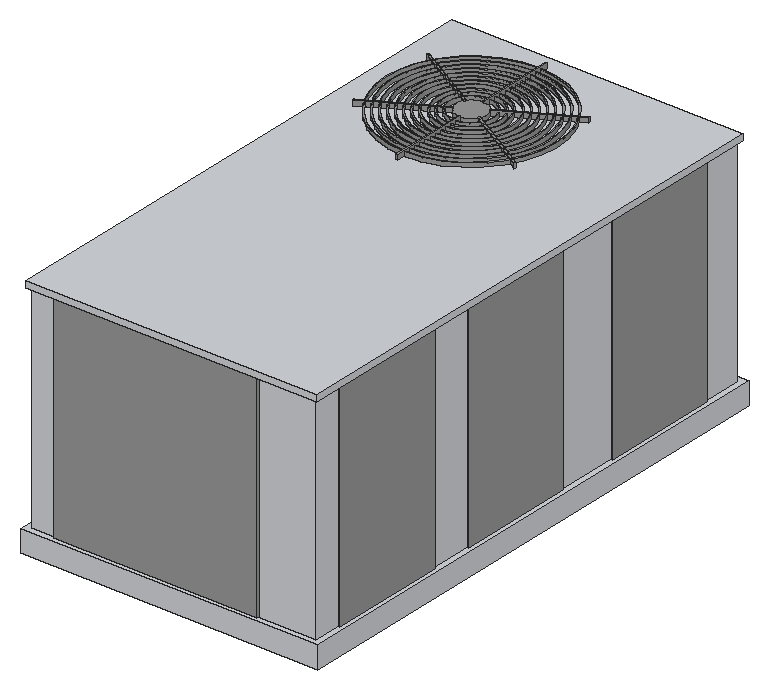
Revit family "RTU-2", category Mechanical Equipment, host Face, Revit 2025
Family settings
  Host = Face
  Round Connector Dimension = Use Diameter
  Classification = None
  Part Type = Normal
  Cut with Voids When Loaded = No
  Maintain Annotation Orientation = No
  Shared = No
  Room Calculation Point = No
Parameters (values of type "LCH 072 H4E E 1Y")
  Width = 47"
  URL = "https://tech.lennoxintl.com/C03e7o14l/VIu12Ch2uV/ehb_lch_abox_2103.pdf"
  Model = "LCH 072 H4E E 1Y"
  Manufacturer = "LENNOX"
  Length = 85 1/4"
  Grill Material = Steel, Paint Finish, Dark Gray
  Default Elevation = 48"
Reference planes (in)
  plane 1 "Center (Front/Back)": y = 0
  plane 2: z = 0
  plane 3 "Center (Left/Right)": x = 0
  plane 4: x = -30.90625
  plane 5: x = -31.90625
  plane 6: x = -32.90625
  plane 7: x = -33.90625
  plane 8: x = -34.90625
  plane 9: x = -35.90625
  plane 10: x = -36.90625
  plane 11: x = -37.90625
  plane 12: x = -38.90625
  plane 13: x = -39.90625
  plane 14: x = -40.90625
  plane 15: x = -42.34375
  plane 16: x = -41.03125
  plane 17: x = -41.90625
  plane 18: x = -41.90567
  plane 19: y = 22.75058
  plane 20: y = 21.75058
  plane 21: y = 20.75058
  plane 22: y = 19.75058
  plane 23: y = 18.75058
  plane 24: y = 17.75058
  plane 25: y = 16.75058
  plane 26: y = 15.75058
  plane 27: y = 14.75058
  plane 28: y = 13.75058
  plane 29: y = 12.75058
  plane 30: y = 11.31308
  plane 31: y = 12.62558
  plane 32: y = 11.75058
  plane 33: y = 11.75117
  plane 34: through (-19.01548, 19.50279, 94.70355) normal (0.866, 0.5, 0)
  plane 35: through (-17.13782, 18.87558, 94.70355) normal (-0.866, -0.5, 0)
  plane 36: through (6.39048, 19.50279, 94.70355) normal (0.866, -0.5, 0)
  plane 37: through (4.51282, 18.87558, 94.70355) normal (-0.866, 0.5, 0)
  plane 38: y = 38.93808
  plane 39: y = 37.62558
  plane 40: through (-19.01548, 30.74838, 94.70355) normal (-0.866, 0.5, 0)
  plane 41: through (-17.13782, 31.37558, 94.70355) normal (0.866, -0.5, 0)
  plane 42: through (6.39048, 30.74838, 94.70355) normal (-0.866, -0.5, 0)
  plane 43: through (4.51282, 31.37558, 94.70355) normal (0.866, 0.5, 0)
  plane 44: through (-34.15405, 50.35923, 110.75) normal (0.5, -0.866, 0)
  plane 45: through (-34.78125, 48.48157, 110.75) normal (-0.5, 0.866, 0)
  plane 46: through (-34.15405, 24.95327, 110.75) normal (-0.5, -0.866, 0)
  plane 47: through (-34.78125, 26.83093, 110.75) normal (0.5, 0.866, 0)
  plane 48: x = -14.71875
  plane 49: x = -16.03125
  plane 50: through (-22.90845, 50.35923, 110.75) normal (0.5, 0.866, 0)
  plane 51: through (-22.28125, 48.48157, 110.75) normal (-0.5, -0.866, 0)
  plane 52: through (-22.90845, 24.95327, 110.75) normal (-0.5, 0.866, 0)
  plane 53: through (-22.28125, 26.83093, 110.75) normal (0.5, -0.866, 0)
  plane 54: y = 16.875
  plane 55: x = 14
  plane 56: y = -16.125
  plane 57: x = 16.875
  plane 58: y = -0.75
  plane 59: x = -8.5
  plane 60: y = -31.75
  plane 61: x = -3
Forms (in)
  Extrusion 1, solid
    sketch origin (0, 0, 0) x (1, 0, 0) y (0, 1, 0)
      loop
        line (-23.5, 42.625) -> (-23.5, -42.625) -> (23.5, -42.625) -> (23.5, 42.625) -> (-23.5, 42.625)
    from 0 to 3.5
  Extrusion 2, solid, material "Steel, Paint Finish, Dark Gray" <- "Grill Material", not visible
    sketch origin (0, 0, 54.625) x (1, 0, 0) y (0, 1, 0)
      loop
        circle (-28.53125, 37.65625) r 2.375
      loop
        circle (-28.53125, 37.65625) r 3.375
      loop
        circle (-28.53125, 37.65625) r 3.5
      loop
        circle (-28.53125, 37.65625) r 4.375
      loop
        circle (-28.53125, 37.65625) r 5.25
      loop
        circle (-28.53125, 37.65625) r 4.5
      loop
        circle (-28.53125, 37.65625) r 5.375
      loop
        circle (-28.53125, 37.65625) r 6.375
      loop
        circle (-28.53125, 37.65625) r 7.375
      loop
        circle (-28.53125, 37.65625) r 9.375
      loop
        circle (-28.53125, 37.65625) r 10.375
      loop
        circle (-28.53125, 37.65625) r 11.375
      loop
        circle (-28.53125, 37.65625) r 12.375
      loop
        circle (-28.53125, 37.65625) r 12.5
      loop
        circle (-28.53125, 37.65625) r 7.5
      loop
        circle (-28.53125, 37.65625) r 9.5
      loop
        circle (-28.53125, 37.65625) r 10.5
      loop
        circle (-28.53125, 37.65625) r 11.5
      loop
        circle (-28.53125, 37.65625) r 8.375
      loop
        circle (-28.53125, 37.65625) r 8.5
      loop
        circle (-28.53125, 37.65625) r 6.5
      loop
        circle (-28.53125, 37.65625) r 13.375
      loop
        circle (-28.53125, 37.65625) r 13.5
    from 0 to 0.625
  Extrusion 3, solid, material "Steel, Paint Finish, Dark Gray" <- "Grill Material", not visible
    sketch origin (0, 0, 55.75) x (1, 0, 0) y (0, 1, 0)
      loop
        line (-43.28067, 37.78125) -> (-43.28067, 37.53125) -> (-30.90296, 37.53125)
        arc (-30.90296, 37.53125) -> (-30.90543, 37.59373) -> (-30.90625, 37.65625) r 2.375
        arc (-30.90625, 37.65625) -> (-30.90543, 37.71877) -> (-30.90296, 37.78125) r 2.375
        line (-30.90296, 37.78125) -> (-43.28067, 37.78125)
    from -1.125 to -0.3427
  Extrusion 4, solid, material "Steel, Paint Finish, Dark Gray" <- "Grill Material"
    sketch origin (31.34375, 53.65683, 38.57855) x (0, 1, 0) y (-1, 0, 0)
      loop
        circle (-28.53125, 37.65625) r 2.375
      loop
        circle (-28.53125, 37.65625) r 3.375
      loop
        circle (-28.53125, 37.65625) r 3.5
      loop
        circle (-28.53125, 37.65625) r 4.375
      loop
        circle (-28.53125, 37.65625) r 5.25
      loop
        circle (-28.53125, 37.65625) r 4.5
      loop
        circle (-28.53125, 37.65625) r 5.375
      loop
        circle (-28.53125, 37.65625) r 6.375
      loop
        circle (-28.53125, 37.65625) r 7.375
      loop
        circle (-28.53125, 37.65625) r 9.375
      loop
        circle (-28.53125, 37.65625) r 10.375
      loop
        circle (-28.53125, 37.65625) r 11.375
      loop
        circle (-28.53125, 37.65625) r 12.375
      loop
        circle (-28.53125, 37.65625) r 12.5
      loop
        circle (-28.53125, 37.65625) r 7.5
      loop
        circle (-28.53125, 37.65625) r 9.5
      loop
        circle (-28.53125, 37.65625) r 10.5
      loop
        circle (-28.53125, 37.65625) r 11.5
      loop
        circle (-28.53125, 37.65625) r 8.375
      loop
        circle (-28.53125, 37.65625) r 8.5
      loop
        circle (-28.53125, 37.65625) r 6.5
      loop
        circle (-28.53125, 37.65625) r 13.375
      loop
        circle (-28.53125, 37.65625) r 13.5
    from 0 to 0.625
  Extrusion 5, solid, material "Steel, Paint Finish, Dark Gray" <- "Grill Material"
    sketch origin (31.34375, 53.65683, 39.70355) x (0, 1, 0) y (-1, 0, 0)
      loop
        line (-43.28067, 37.78125) -> (-43.28067, 37.53125) -> (-30.90296, 37.53125)
        arc (-30.90296, 37.53125) -> (-30.90543, 37.59373) -> (-30.90625, 37.65625) r 2.375
        arc (-30.90625, 37.65625) -> (-30.90543, 37.71877) -> (-30.90296, 37.78125) r 2.375
        line (-30.90296, 37.78125) -> (-43.28067, 37.78125)
    from -1.125 to -0.3427
  Extrusion 6, solid, material "Steel, Paint Finish, Dark Gray" <- "Grill Material"
    sketch origin (37.22441, 6.77994, 39.70355) x (0.866025, 0.5, 0) y (-0.5, 0.866025, 0)
      loop
        line (-43.28067, 37.78125) -> (-43.28067, 37.53125) -> (-30.90296, 37.53125)
        arc (-30.90296, 37.53125) -> (-30.90543, 37.59373) -> (-30.90625, 37.65625) r 2.375
        arc (-30.90625, 37.65625) -> (-30.90543, 37.71877) -> (-30.90296, 37.78125) r 2.375
        line (-30.90296, 37.78125) -> (-43.28067, 37.78125)
    from -1.125 to -0.3427
  Extrusion 7, solid, material "Steel, Paint Finish, Dark Gray" <- "Grill Material"
    sketch origin (-49.84941, 6.77994, 39.70355) x (-0.866025, 0.5, 0) y (-0.5, -0.866025, 0)
      loop
        line (-43.28067, -37.78125) -> (-30.90296, -37.78125)
        arc (-30.90296, -37.78125) -> (-30.90543, -37.71877) -> (-30.90625, -37.65625) r 2.375
        arc (-30.90625, -37.65625) -> (-30.90543, -37.59373) -> (-30.90296, -37.53125) r 2.375
        line (-30.90296, -37.53125) -> (-43.28067, -37.53125) -> (-43.28067, -37.78125)
    from -1.125 to -0.3427
  Extrusion 8, solid, material "Steel, Paint Finish, Dark Gray" <- "Grill Material"
    sketch origin (31.34375, -3.40567, 39.70355) x (0, -1, 0) y (1, 0, 0)
      loop
        line (-43.28067, -37.78125) -> (-30.90296, -37.78125)
        arc (-30.90296, -37.78125) -> (-30.90543, -37.71877) -> (-30.90625, -37.65625) r 2.375
        arc (-30.90625, -37.65625) -> (-30.90543, -37.59373) -> (-30.90296, -37.53125) r 2.375
        line (-30.90296, -37.53125) -> (-43.28067, -37.53125) -> (-43.28067, -37.78125)
    from -1.125 to -0.3427
  Extrusion 9, solid, material "Steel, Paint Finish, Dark Gray" <- "Grill Material"
    sketch origin (37.22441, 43.47123, 39.70355) x (0.866025, -0.5, 0) y (0.5, 0.866025, 0)
      loop
        line (-43.28067, -37.78125) -> (-30.90296, -37.78125)
        arc (-30.90296, -37.78125) -> (-30.90543, -37.71877) -> (-30.90625, -37.65625) r 2.375
        arc (-30.90625, -37.65625) -> (-30.90543, -37.59373) -> (-30.90296, -37.53125) r 2.375
        line (-30.90296, -37.53125) -> (-43.28067, -37.53125) -> (-43.28067, -37.78125)
    from -1.125 to -0.3427
  Extrusion 10, solid, material "Steel, Paint Finish, Dark Gray" <- "Grill Material"
    sketch origin (-49.84941, 43.47123, 39.70355) x (-0.866025, -0.5, 0) y (0.5, -0.866025, 0)
      loop
        line (-43.28067, 37.78125) -> (-43.28067, 37.53125) -> (-30.90296, 37.53125)
        arc (-30.90296, 37.53125) -> (-30.90543, 37.59373) -> (-30.90625, 37.65625) r 2.375
        arc (-30.90625, 37.65625) -> (-30.90543, 37.71877) -> (-30.90296, 37.78125) r 2.375
        line (-30.90296, 37.78125) -> (-43.28067, 37.78125)
    from -1.125 to -0.3427
  Extrusion 11, solid, material "Steel, Paint Finish, Dark Gray" <- "Grill Material", not visible
    sketch origin (-46.87689, -5.88066, 55.75) x (0.5, -0.866025, 0) y (0.866025, 0.5, 0)
      loop
        line (-43.28067, 37.78125) -> (-43.28067, 37.53125) -> (-30.90296, 37.53125)
        arc (-30.90296, 37.53125) -> (-30.90543, 37.59373) -> (-30.90625, 37.65625) r 2.375
        arc (-30.90625, 37.65625) -> (-30.90543, 37.71877) -> (-30.90296, 37.78125) r 2.375
        line (-30.90296, 37.78125) -> (-43.28067, 37.78125)
    from -1.125 to -0.3427
  Extrusion 12, solid, material "Steel, Paint Finish, Dark Gray" <- "Grill Material", not visible
    sketch origin (-46.87689, 81.19316, 55.75) x (0.5, 0.866025, 0) y (-0.866025, 0.5, 0)
      loop
        line (-43.28067, -37.78125) -> (-30.90296, -37.78125)
        arc (-30.90296, -37.78125) -> (-30.90543, -37.71877) -> (-30.90625, -37.65625) r 2.375
        arc (-30.90625, -37.65625) -> (-30.90543, -37.59373) -> (-30.90296, -37.53125) r 2.375
        line (-30.90296, -37.53125) -> (-43.28067, -37.53125) -> (-43.28067, -37.78125)
    from -1.125 to -0.3427
  Extrusion 13, solid, material "Steel, Paint Finish, Dark Gray" <- "Grill Material", not visible
    sketch origin (-57.0625, 0, 55.75) x (-1, 0, 0) y (0, -1, 0)
      loop
        line (-43.28067, -37.78125) -> (-30.90296, -37.78125)
        arc (-30.90296, -37.78125) -> (-30.90543, -37.71877) -> (-30.90625, -37.65625) r 2.375
        arc (-30.90625, -37.65625) -> (-30.90543, -37.59373) -> (-30.90296, -37.53125) r 2.375
        line (-30.90296, -37.53125) -> (-43.28067, -37.53125) -> (-43.28067, -37.78125)
    from -1.125 to -0.3427
  Extrusion 14, solid, material "Steel, Paint Finish, Dark Gray" <- "Grill Material", not visible
    sketch origin (-10.18561, -5.88066, 55.75) x (-0.5, -0.866025, 0) y (0.866025, -0.5, 0)
      loop
        line (-43.28067, -37.78125) -> (-30.90296, -37.78125)
        arc (-30.90296, -37.78125) -> (-30.90543, -37.71877) -> (-30.90625, -37.65625) r 2.375
        arc (-30.90625, -37.65625) -> (-30.90543, -37.59373) -> (-30.90296, -37.53125) r 2.375
        line (-30.90296, -37.53125) -> (-43.28067, -37.53125) -> (-43.28067, -37.78125)
    from -1.125 to -0.3427
  Extrusion 15, solid, material "Steel, Paint Finish, Dark Gray" <- "Grill Material", not visible
    sketch origin (-10.18561, 81.19316, 55.75) x (-0.5, 0.866025, 0) y (-0.866025, -0.5, 0)
      loop
        line (-43.28067, 37.78125) -> (-43.28067, 37.53125) -> (-30.90296, 37.53125)
        arc (-30.90296, 37.53125) -> (-30.90543, 37.59373) -> (-30.90625, 37.65625) r 2.375
        arc (-30.90625, 37.65625) -> (-30.90543, 37.71877) -> (-30.90296, 37.78125) r 2.375
        line (-30.90296, 37.78125) -> (-43.28067, 37.78125)
    from -1.125 to -0.3427
  Extrusion 16, solid
    sketch origin (0, 0, 0) x (1, 0, 0) y (0, 1, 0)
      loop
        line (-22.5, 41.625) -> (-22.5, -41.625) -> (22.5, -41.625) -> (22.5, 41.625) -> (-22.5, 41.625)
    from 3.5 to 37.57855
  Extrusion 17, void
    sketch origin (0, 0, 0) x (1, 0, 0) y (0, 1, 0)
      loop
        line (-18.5, 8.25) -> (-18.5, -9.75) -> (1.5, -9.75) -> (1.5, 8.25) -> (-18.5, 8.25)
      loop
        line (-19, -27.375) -> (-19, -38.375) -> (11, -38.375) -> (11, -27.375) -> (-19, -27.375)
      loop
        arc (13.5, 20.875) -> (12.79289, 20.58211) -> (12.5, 19.875) r 1
        line (12.5, 19.875) -> (12.5, 13.875)
        arc (12.5, 13.875) -> (12.79289, 13.16789) -> (13.5, 12.875) r 1
        line (13.5, 12.875) -> (14.5, 12.875)
        arc (14.5, 12.875) -> (15.20711, 13.16789) -> (15.5, 13.875) r 1
        line (15.5, 13.875) -> (15.5, 19.875)
        arc (15.5, 19.875) -> (15.20711, 20.58211) -> (14.5, 20.875) r 1
        line (14.5, 20.875) -> (13.5, 20.875)
      loop
        circle (16.875, -16.125) r 1
    from 0 to 3.5
  Extrusion 18, solid
    sketch origin (0, 0, 0) x (1, 0, 0) y (0, 1, 0)
      loop
        line (-23, 42.125) -> (-23, -42.125) -> (23, -42.125) -> (23, 42.125) -> (-23, 42.125)
    from 37.57855 to 38.57855
  Extrusion 19, void
    sketch origin (0, 0, 0) x (0, 1, 0) y (0, 0, 1)
      loop
        line (39.875, 37.57855) -> (10.75738, 37.57855) -> (10.75738, 3.5) -> (39.875, 3.5) -> (39.875, 37.57855)
    from -23.5 to -21.24899
Cuts and joins
  Extrusion 17, Extrusion 19 cuts Extrusion 1
  Extrusion 17, Extrusion 19 cuts Extrusion 16
  Extrusion 19 cuts Extrusion 18
Dimensions and locks (in)
  equal spacing: Extrusion 1 sketch curve, plane 1 "Center (Front/Back)", Extrusion 1 sketch curve
  equal spacing: Extrusion 1 sketch curve, plane 3 "Center (Left/Right)", Extrusion 1 sketch curve
  "Width": Extrusion 1 sketch curve to Extrusion 1 sketch curve
  "Length": Extrusion 1 sketch curve to Extrusion 1 sketch curve
  Extrusion 1 to Extrusion 17 sketch curve = 4 1/4"
  Extrusion 1 to Extrusion 17 sketch curve = 4 1/2"
  Extrusion 1 to Extrusion 17 sketch curve = 5"
  Extrusion 1 to plane 54 = 25 3/4"
  plane 55 to Extrusion 1 = 9 1/2"
  plane 57 to Extrusion 1 = 6 5/8"
  plane 56 to Extrusion 1 = 26 1/2"
  nested 5 to level = 5 1/2"
  nested 5 to Extrusion 18 = 2"
  nested 6 to nested 5 = 18 3/8"
  cut or joined group of Extrusion 16, Extrusion 17, Extrusion 19 to cut or joined group of Extrusion 16, Extrusion 17, Extrusion 19 = 29.11762"
  equal spacing: group 3, group 4, group 5, group 6, group 7, group 8, group 9, group 10, group 11, group 12, group 13, group 14, group 15, group 16, group 17, group 18, group 19, group 20, group 21  (x2)
  equal spacing: group 21, group 20, group 19, group 18, group 17, group 16, group 15, group 14, group 13, group 12, group 11, group 10, group 9, group 8, group 7, group 6, group 5, group 4, group 3
  aligned and locked: plane 2 to host face
  aligned and locked: level to host face
Automatic sketch dimensions
  host sketch curve to host sketch curve = 96"  (x2)
  Extrusion 4 sketch curve to Extrusion 4 sketch curve = 0"  (x297)
  Extrusion 5 sketch curve to Extrusion 5 sketch curve = 2.37171"
  Extrusion 6 sketch curve to Extrusion 6 sketch curve = 2.37171"
  Extrusion 6 sketch curve to plane 34 = 0.93692"
  Extrusion 7 sketch curve to Extrusion 7 sketch curve = 2.37171"
  Extrusion 7 sketch curve to Extrusion 7 sketch curve = 0"  (x3)
  Extrusion 7 sketch curve to plane 36 = 0.93692"
  Extrusion 7 sketch curve to Extrusion 7 sketch curve = 1/8"
  Extrusion 8 sketch curve to Extrusion 8 sketch curve = 2.37171"
  Extrusion 8 sketch curve to plane 38 = 0.93692"
  Extrusion 9 sketch curve to Extrusion 9 sketch curve = 2.37171"
  Extrusion 9 sketch curve to Extrusion 9 sketch curve = 0"  (x3)
  Extrusion 9 sketch curve to plane 40 = 0.93692"
  Extrusion 9 sketch curve to Extrusion 9 sketch curve = 1/8"
  Extrusion 10 sketch curve to Extrusion 10 sketch curve = 2.37171"
  Extrusion 10 sketch curve to plane 42 = 0.93692"
  Extrusion 2 sketch curve to Extrusion 2 sketch curve = 0"  (x297)
  Extrusion 3 sketch curve to Extrusion 3 sketch curve = 2.37171"
  Extrusion 4 sketch curve to plane 19 = 2 3/8"
  Extrusion 5 sketch curve to Extrusion 5 sketch curve = 0"  (x3)
  Extrusion 5 sketch curve to plane 31 = 10.12829"
  Extrusion 6 sketch curve to Extrusion 6 sketch curve = 0"  (x3)
  Extrusion 6 sketch curve to plane 35 = 10.12829"
  Extrusion 6 sketch curve to Extrusion 6 sketch curve = 1/8"
  Extrusion 7 sketch curve to plane 37 = 10.12829"
  Extrusion 8 sketch curve to Extrusion 8 sketch curve = 0"  (x4)
  Extrusion 8 sketch curve to plane 39 = 10.12829"
  Extrusion 9 sketch curve to plane 41 = 10.12829"
  Extrusion 10 sketch curve to Extrusion 10 sketch curve = 0"  (x3)
  Extrusion 10 sketch curve to plane 43 = 10.12829"
  Extrusion 10 sketch curve to Extrusion 10 sketch curve = 1/8"
  Extrusion 5 sketch curve to plane 30 = 0.93692"
  Extrusion 5 sketch curve to Extrusion 5 sketch curve = 1/8"
  plane 33 to Extrusion 6 sketch curve = 5.89145"
  plane 33 to Extrusion 7 sketch curve = 12.29681"
  Extrusion 8 sketch curve to Extrusion 8 sketch curve = 1/8"
  plane 33 to Extrusion 9 sketch curve = 14.45202"
  plane 33 to Extrusion 10 sketch curve = 20.85738"
  Extrusion 2 sketch curve to plane 4 = 2 3/8"
  Extrusion 3 sketch curve to Extrusion 3 sketch curve = 0"  (x3)
  Extrusion 3 sketch curve to plane 16 = 10.12829"
  Extrusion 11 sketch curve to Extrusion 11 sketch curve = 0"  (x3)
  Extrusion 11 sketch curve to plane 45 = 10.12829"
  Extrusion 11 sketch curve to Extrusion 11 sketch curve = 1/8"
  Extrusion 12 sketch curve to Extrusion 12 sketch curve = 0"  (x2)
  Extrusion 12 sketch curve to plane 47 = 10.12829"
  Extrusion 13 sketch curve to Extrusion 13 sketch curve = 0"  (x4)
  Extrusion 13 sketch curve to plane 49 = 10.12829"
  Extrusion 14 sketch curve to Extrusion 14 sketch curve = 0"  (x2)
  Extrusion 14 sketch curve to plane 51 = 10.12829"
  Extrusion 15 sketch curve to Extrusion 15 sketch curve = 0"  (x3)
  Extrusion 15 sketch curve to plane 53 = 10.12829"
  Extrusion 15 sketch curve to Extrusion 15 sketch curve = 1/8"
  Extrusion 3 sketch curve to plane 15 = 0.93692"
  Extrusion 3 sketch curve to Extrusion 3 sketch curve = 1/8"
  plane 18 to Extrusion 11 sketch curve = 5.89145"
  plane 18 to Extrusion 12 sketch curve = 12.29681"
  Extrusion 13 sketch curve to Extrusion 13 sketch curve = 1/8"
  plane 18 to Extrusion 14 sketch curve = 14.45202"
  plane 18 to Extrusion 15 sketch curve = 20.85738"
  Extrusion 16 sketch curve to plane 3 "Center (Left/Right)" = 22 1/2"
  plane 3 "Center (Left/Right)" to Extrusion 16 sketch curve = 22 1/2"
  plane 1 "Center (Front/Back)" to Extrusion 16 sketch curve = 41 5/8"
  plane 33 to Extrusion 16 sketch curve = 29.87383"
  Extrusion 17 sketch curve to plane 56 = 0"
  Extrusion 17 sketch curve to plane 57 = 0"
  plane 3 "Center (Left/Right)" to Extrusion 17 sketch curve = 1 1/2"
  Extrusion 17 sketch curve to plane 55 = 3"
  Extrusion 17 sketch curve to plane 55 = 1 1/2"
  Extrusion 17 sketch curve to plane 55 = 1/2"  (x2)
  plane 55 to Extrusion 17 sketch curve = 1/2"  (x2)
  Extrusion 17 sketch curve to Extrusion 17 sketch curve = 1"
  Extrusion 17 sketch curve to plane 56 = 11 1/4"
  plane 56 to Extrusion 17 sketch curve = 6 3/8"
  Extrusion 17 sketch curve to plane 33 = 3.50117"
  plane 33 to Extrusion 17 sketch curve = 1.12383"
  plane 54 to Extrusion 17 sketch curve = 3"
  Extrusion 18 sketch curve to plane 3 "Center (Left/Right)" = 23"
  plane 3 "Center (Left/Right)" to Extrusion 18 sketch curve = 23"
  plane 1 "Center (Front/Back)" to Extrusion 18 sketch curve = 42 1/8"
  plane 33 to Extrusion 18 sketch curve = 30.37383"
  Extrusion 19 sketch curve to plane 33 = 0.99379"
  level to Extrusion 19 sketch curve = 3 1/2"
  plane 33 to Extrusion 19 sketch curve = 28.12383"
  Extrusion 19 sketch curve to Extrusion 19 sketch curve = 34.07855"
  radius of Extrusion 4 sketch curve = 2 3/8"
  radius of Extrusion 4 sketch curve = 3 3/8"
  radius of Extrusion 4 sketch curve = 3 1/2"
  radius of Extrusion 4 sketch curve = 4 3/8"
  radius of Extrusion 4 sketch curve = 5 1/4"
  radius of Extrusion 4 sketch curve = 4 1/2"
  radius of Extrusion 4 sketch curve = 5 3/8"
  radius of Extrusion 4 sketch curve = 6 3/8"
  radius of Extrusion 4 sketch curve = 7 3/8"
  radius of Extrusion 4 sketch curve = 9 3/8"
  radius of Extrusion 4 sketch curve = 10 3/8"
  radius of Extrusion 4 sketch curve = 11 3/8"
  radius of Extrusion 4 sketch curve = 12 3/8"
  radius of Extrusion 4 sketch curve = 12 1/2"
  radius of Extrusion 4 sketch curve = 7 1/2"
  radius of Extrusion 4 sketch curve = 9 1/2"
  radius of Extrusion 4 sketch curve = 10 1/2"
  radius of Extrusion 4 sketch curve = 11 1/2"
  radius of Extrusion 4 sketch curve = 8 3/8"
  radius of Extrusion 4 sketch curve = 8 1/2"
  radius of Extrusion 4 sketch curve = 6 1/2"
  radius of Extrusion 4 sketch curve = 13 3/8"
  radius of Extrusion 4 sketch curve = 13 1/2"
  radius of Extrusion 2 sketch curve = 2 3/8"
  radius of Extrusion 2 sketch curve = 3 3/8"
  radius of Extrusion 2 sketch curve = 3 1/2"
  radius of Extrusion 2 sketch curve = 4 3/8"
  radius of Extrusion 2 sketch curve = 5 1/4"
  radius of Extrusion 2 sketch curve = 4 1/2"
  radius of Extrusion 2 sketch curve = 5 3/8"
  radius of Extrusion 2 sketch curve = 6 3/8"
  radius of Extrusion 2 sketch curve = 7 3/8"
  radius of Extrusion 2 sketch curve = 9 3/8"
  radius of Extrusion 2 sketch curve = 10 3/8"
  radius of Extrusion 2 sketch curve = 11 3/8"
  radius of Extrusion 2 sketch curve = 12 3/8"
  radius of Extrusion 2 sketch curve = 12 1/2"
  radius of Extrusion 2 sketch curve = 7 1/2"
  radius of Extrusion 2 sketch curve = 9 1/2"
  radius of Extrusion 2 sketch curve = 10 1/2"
  radius of Extrusion 2 sketch curve = 11 1/2"
  radius of Extrusion 2 sketch curve = 8 3/8"
  radius of Extrusion 2 sketch curve = 8 1/2"
  radius of Extrusion 2 sketch curve = 6 1/2"
  radius of Extrusion 2 sketch curve = 13 3/8"
  radius of Extrusion 2 sketch curve = 13 1/2"
  radius of Extrusion 17 sketch curve = 1"
Nested families (in)
  nested 1: "Panel" at (22.5, -27.875, 20.53928) x (0, 1, 0) z (1, 0, 0), type "Panel"
    with Width 18 3/4", Length 34.07855"
  nested 2: "Panel" at (22.5, -2.4375, 20.53928) x (0, 1, 0) z (1, 0, 0), type "Panel"
    with Width 18 3/4", Length 34.07855"
  nested 3: "Panel" at (22.5, 26.0625, 20.53928) x (0, 1, 0) z (1, 0, 0), type "Panel"
    with Width 18 3/4", Length 34.07855"
  nested 4: "Panel" at (-2.71875, -41.625, 20.53928) x (-1, 0, 0) z (0, -1, 0), type "Panel"
    with Width 32 3/16", Length 34.07855"
  nested 5: "Panel" at (-22.5, -34.625, 20) x (0, 1, 0) z (-1, 0, 0), type "Panel"
    with Width 11", Length 29"
  nested 6: "Panel" at (-22.5, -1, 15.5) x (0, 1, 0) z (-1, 0, 0), type "Panel"
    with Width 19 1/2", Length 20"
  nested 7: "Family1" at (-21.5, 39.875, 35.95355) x (0, -1, 0) z (-1, 0, 0), type "Family1"
    with Space 233/256", built-in parameter 1001306 2.4792 (stored number, unit not read), Count 32
  nested 8: "Family1" at (-21.5, 39.875, 34.20355) x (0, -1, 0) z (-1, 0, 0), type "Family1"
    with Space 233/256", built-in parameter 1001306 2.4792 (stored number, unit not read), Count 32
  nested 9: "Family1" at (-21.5, 39.875, 32.45355) x (0, -1, 0) z (-1, 0, 0), type "Family1"
    with Space 233/256", built-in parameter 1001306 2.4792 (stored number, unit not read), Count 32
  nested 10: "Family1" at (-21.5, 39.875, 30.70355) x (0, -1, 0) z (-1, 0, 0), type "Family1"
    with Space 233/256", built-in parameter 1001306 2.4792 (stored number, unit not read), Count 32
  nested 11: "Family1" at (-21.5, 39.875, 28.95355) x (0, -1, 0) z (-1, 0, 0), type "Family1"
    with Space 233/256", built-in parameter 1001306 2.4792 (stored number, unit not read), Count 32
  nested 12: "Family1" at (-21.5, 39.875, 27.20355) x (0, -1, 0) z (-1, 0, 0), type "Family1"
    with Space 233/256", built-in parameter 1001306 2.4792 (stored number, unit not read), Count 32
  nested 13: "Family1" at (-21.5, 39.875, 25.45355) x (0, -1, 0) z (-1, 0, 0), type "Family1"
    with Space 233/256", built-in parameter 1001306 2.4792 (stored number, unit not read), Count 32
  nested 14: "Family1" at (-21.5, 39.875, 23.70355) x (0, -1, 0) z (-1, 0, 0), type "Family1"
    with Space 233/256", built-in parameter 1001306 2.4792 (stored number, unit not read), Count 32
  nested 15: "Family1" at (-21.5, 39.875, 21.95355) x (0, -1, 0) z (-1, 0, 0), type "Family1"
    with Space 233/256", built-in parameter 1001306 2.4792 (stored number, unit not read), Count 32
  nested 16: "Family1" at (-21.5, 39.875, 20.20355) x (0, -1, 0) z (-1, 0, 0), type "Family1"
    with Space 233/256", built-in parameter 1001306 2.4792 (stored number, unit not read), Count 32
  nested 17: "Family1" at (-21.5, 39.875, 18.45355) x (0, -1, 0) z (-1, 0, 0), type "Family1"
    with Space 233/256", built-in parameter 1001306 2.4792 (stored number, unit not read), Count 32
  nested 18: "Family1" at (-21.5, 39.875, 16.70355) x (0, -1, 0) z (-1, 0, 0), type "Family1"
    with Space 233/256", built-in parameter 1001306 2.4792 (stored number, unit not read), Count 32
  nested 19: "Family1" at (-21.5, 39.875, 14.95355) x (0, -1, 0) z (-1, 0, 0), type "Family1"
    with Space 233/256", built-in parameter 1001306 2.4792 (stored number, unit not read), Count 32
  nested 20: "Family1" at (-21.5, 39.875, 13.20355) x (0, -1, 0) z (-1, 0, 0), type "Family1"
    with Space 233/256", built-in parameter 1001306 2.4792 (stored number, unit not read), Count 32
  nested 21: "Family1" at (-21.5, 39.875, 11.45355) x (0, -1, 0) z (-1, 0, 0), type "Family1"
    with Space 233/256", built-in parameter 1001306 2.4792 (stored number, unit not read), Count 32
  nested 22: "Family1" at (-21.5, 39.875, 9.70355) x (0, -1, 0) z (-1, 0, 0), type "Family1"
    with Space 233/256", built-in parameter 1001306 2.4792 (stored number, unit not read), Count 32
  nested 23: "Family1" at (-21.5, 39.875, 7.95355) x (0, -1, 0) z (-1, 0, 0), type "Family1"
    with Space 233/256", built-in parameter 1001306 2.4792 (stored number, unit not read), Count 32
  nested 24: "Family1" at (-21.5, 39.875, 6.20355) x (0, -1, 0) z (-1, 0, 0), type "Family1"
    with Space 233/256", built-in parameter 1001306 2.4792 (stored number, unit not read), Count 32
  nested 25: "Family1" at (-21.5, 39.875, 4.45355) x (0, -1, 0) z (-1, 0, 0), type "Family1"
    with Space 233/256", built-in parameter 1001306 2.4792 (stored number, unit not read), Count 32
Connectors (in)
  hvac at (-8.5, -0.75, 3.5)
    settings: on cut or joined group of Extrusion 1, Extrusion 17, Extrusion 19, index 1, duct flow 0 CFM, flow factor 0, pres drop 0.00 in-wg, loss coef 0, conn angle 0.00°, conn width 20", conn height 18", conn diameter 24", duct sys type 1, conn prof type 1, flow config 0, flow direction 0, loss method 0, conn ref index -1, conn util no, is conn primary yes, conn desc "supply"
  hvac at (-4, -32.875, 3.5)
    settings: on cut or joined group of Extrusion 1, Extrusion 17, Extrusion 19, index 2, duct flow 0 CFM, flow factor 0, pres drop 0.00 in-wg, loss coef 0, conn angle 0.00°, conn width 30", conn height 11", conn diameter 24", duct sys type 2, conn prof type 1, flow config 0, flow direction 0, loss method 0, conn ref index -1, conn util no, is conn primary no, conn desc "return"
Definition of nested family "Panel"
  Parameters (values of type "Panel")
    Width [instance] = 21 9/16"
    Material = none
    Length [instance] = 49 7/16"
    Default Elevation = 48"
  Reference planes (in)
    plane 1 "Center (Front/Back)": y = 0
    plane 2: z = 0
    plane 3 "Center (Left/Right)": x = 0
    plane 4: z = 0.25
    plane 5: x = -10.78125
    plane 6: x = 10.78125
    plane 7: y = 24.71875
    plane 8: y = -24.71875
  Forms (in)
    Extrusion 1, solid
      sketch origin (0, 0, 0) x (1, 0, 0) y (0, 1, 0)
        loop
          line (-48, 48) -> (-48, -48) -> (48, -48) -> (48, 48) -> (-48, 48)
      from 0 to -12
    Extrusion 2, solid, material <- "Material"
      sketch origin (0, 0, 0) x (1, 0, 0) y (0, 1, 0)
        loop
          line (-10.78125, 24.71875) -> (-10.78125, -24.71875) -> (10.78125, -24.71875) -> (10.78125, 24.71875) -> (-10.78125, 24.71875)
      from 0 to 0.25
  Dimensions and locks (in)
    plane 4 to plane 2 = 1/4"
    equal spacing: plane 5, plane 3 "Center (Left/Right)", plane 6
    equal spacing: plane 7, plane 1 "Center (Front/Back)", plane 8
    "Length": plane 7 to plane 8
    "Width": plane 5 to plane 6
    aligned and locked: plane 2 to Extrusion 1
    aligned and locked: level to Extrusion 1
    aligned and locked: plane 4 to Extrusion 2
    aligned and locked: Extrusion 2 to plane 6
    aligned and locked: Extrusion 2 to plane 5
    aligned and locked: plane 8 to Extrusion 2
    aligned and locked: plane 7 to Extrusion 2
  Automatic sketch dimensions
    Extrusion 1 sketch curve to Extrusion 1 sketch curve = 96"  (x2)
    plane 5 to Extrusion 2 sketch curve = 0"
    Extrusion 2 sketch curve to plane 6 = 0"
    plane 1 "Center (Front/Back)" to Extrusion 2 sketch curve = 24 23/32"
    Extrusion 2 sketch curve to plane 1 "Center (Front/Back)" = 24 23/32"
Definition of nested family "Family1"
  Parameters (values of type "Family1")
    Space [instance] = 233/256"
    built-in parameter 1001306 [instance] = 51"
    Depth = 1"
    Default Elevation = 0"
    Count [instance] = rounddown([built-in parameter 1001306] / Space)  # 56
  Reference planes (in)
    plane 1 "Center (Front/Back)": y = 0
    plane 2: z = 0
    plane 3 "Left": x = 0
    plane 4 "Right": x = 51
    plane 5: y = 1.25
    plane 6: x = 0.45496
    plane 7: z = 1
    plane 8: y = 1.25
    plane 9: x = 1.36489
    plane 10: y = 1.25
    plane 11: x = 2.27481
    plane 12: y = 1.25
    plane 13: x = 3.18474
    plane 14: x = 0.90993
    plane 15: y = 1.25
    plane 16: x = 4.09467
    plane 17: y = 1.25
    plane 18: x = 5.00459
    plane 19: y = 1.25
    plane 20: x = 5.91452
    plane 21: y = 1.25
    plane 22: x = 6.82444
    plane 23: y = 1.25
    plane 24: x = 7.73437
    plane 25: y = 1.25
    plane 26: x = 8.64429
    plane 27: y = 1.25
    plane 28: x = 9.55422
    plane 29: y = 1.25
    plane 30: x = 10.46414
    plane 31: y = 1.25
    plane 32: x = 11.37407
    plane 33: y = 1.25
    plane 34: x = 12.284
    plane 35: y = 1.25
    plane 36: x = 13.19392
    plane 37: y = 1.25
    plane 38: x = 14.10385
    plane 39: y = 1.25
    plane 40: x = 15.01377
    plane 41: y = 1.25
    plane 42: x = 15.9237
    plane 43: y = 1.25
    plane 44: x = 16.83362
    plane 45: y = 1.25
    plane 46: x = 17.74355
    plane 47: y = 1.25
    plane 48: x = 18.65347
    plane 49: y = 1.25
    plane 50: x = 19.5634
    plane 51: y = 1.25
    plane 52: x = 20.47333
    plane 53: y = 1.25
    plane 54: x = 21.38325
    plane 55: y = 1.25
    plane 56: x = 22.29318
    plane 57: y = 1.25
    plane 58: x = 23.2031
    plane 59: y = 1.25
    plane 60: x = 24.11303
    plane 61: y = 1.25
    plane 62: x = 25.02295
    plane 63: y = 1.25
    plane 64: x = 25.93288
    plane 65: y = 1.25
    plane 66: x = 26.8428
    plane 67: y = 1.25
    plane 68: x = 27.75273
    plane 69: y = 1.25
    plane 70: x = 28.66266
    plane 71: y = 1.25
    plane 72: x = 29.57258
    plane 73: y = 1.25
    plane 74: x = 30.48251
    plane 75: y = 1.25
    plane 76: x = 31.39243
    plane 77: y = 1.25
    plane 78: x = 32.30236
    plane 79: y = 1.25
    plane 80: x = 33.21228
    plane 81: y = 1.25
    plane 82: x = 34.12221
    plane 83: y = 1.25
    plane 84: x = 35.03214
    plane 85: y = 1.25
    plane 86: x = 35.94206
    plane 87: y = 1.25
    plane 88: x = 36.85199
    plane 89: y = 1.25
    plane 90: x = 37.76191
    plane 91: y = 1.25
    plane 92: x = 38.67184
    plane 93: y = 1.25
    plane 94: x = 39.58176
    plane 95: y = 1.25
    plane 96: x = 40.49169
    plane 97: y = 1.25
    plane 98: x = 41.40161
    plane 99: y = 1.25
    plane 100: x = 42.31154
    plane 101: y = 1.25
    plane 102: x = 43.22147
    plane 103: y = 1.25
    plane 104: x = 44.13139
    plane 105: y = 1.25
    plane 106: x = 45.04132
    plane 107: y = 1.25
    plane 108: x = 45.95124
    plane 109: y = 1.25
    plane 110: x = 46.86117
    plane 111: y = 1.25
    plane 112: x = 47.77109
    plane 113: y = 1.25
    plane 114: x = 48.68102
    plane 115: y = 1.25
    plane 116: x = 49.59094
    plane 117: y = 1.25
    plane 118: x = 50.50087
  Forms (in)
    Extrusion 1, solid
      sketch origin (0, 0, 0) x (1, 0, 0) y (0, 1, 0)
        loop
          line (0, 0) -> (0.06651, 0) -> (0.45496, 1.06726) -> (0.84341, 0) -> (0.90993, 0) -> (0.45496, 1.25) -> (0, 0)
      from 0 to 1
    Extrusion 2, solid
      sketch origin (0.90993, 0, 0) x (1, 0, 0) y (0, 1, 0)
        loop
          line (0, 0) -> (0.06651, 0) -> (0.45496, 1.06726) -> (0.84341, 0) -> (0.90993, 0) -> (0.45496, 1.25) -> (0, 0)
      from 0 to 1
    Extrusion 3, solid
      sketch origin (1.81985, 0, 0) x (1, 0, 0) y (0, 1, 0)
        loop
          line (0, 0) -> (0.06651, 0) -> (0.45496, 1.06726) -> (0.84341, 0) -> (0.90993, 0) -> (0.45496, 1.25) -> (0, 0)
      from 0 to 1
    Extrusion 4, solid
      sketch origin (2.72978, 0, 0) x (1, 0, 0) y (0, 1, 0)
        loop
          line (0, 0) -> (0.06651, 0) -> (0.45496, 1.06726) -> (0.84341, 0) -> (0.90993, 0) -> (0.45496, 1.25) -> (0, 0)
      from 0 to 1
    Extrusion 5, solid
      sketch origin (3.6397, 0, 0) x (1, 0, 0) y (0, 1, 0)
        loop
          line (0, 0) -> (0.06651, 0) -> (0.45496, 1.06726) -> (0.84341, 0) -> (0.90993, 0) -> (0.45496, 1.25) -> (0, 0)
      from 0 to 1
    Extrusion 6, solid
      sketch origin (4.54963, 0, 0) x (1, 0, 0) y (0, 1, 0)
        loop
          line (0, 0) -> (0.06651, 0) -> (0.45496, 1.06726) -> (0.84341, 0) -> (0.90993, 0) -> (0.45496, 1.25) -> (0, 0)
      from 0 to 1
    Extrusion 7, solid
      sketch origin (5.45955, 0, 0) x (1, 0, 0) y (0, 1, 0)
        loop
          line (0, 0) -> (0.06651, 0) -> (0.45496, 1.06726) -> (0.84341, 0) -> (0.90993, 0) -> (0.45496, 1.25) -> (0, 0)
      from 0 to 1
    Extrusion 8, solid
      sketch origin (6.36948, 0, 0) x (1, 0, 0) y (0, 1, 0)
        loop
          line (0, 0) -> (0.06651, 0) -> (0.45496, 1.06726) -> (0.84341, 0) -> (0.90993, 0) -> (0.45496, 1.25) -> (0, 0)
      from 0 to 1
    Extrusion 9, solid
      sketch origin (7.2794, 0, 0) x (1, 0, 0) y (0, 1, 0)
        loop
          line (0, 0) -> (0.06651, 0) -> (0.45496, 1.06726) -> (0.84341, 0) -> (0.90993, 0) -> (0.45496, 1.25) -> (0, 0)
      from 0 to 1
    Extrusion 10, solid
      sketch origin (8.18933, 0, 0) x (1, 0, 0) y (0, 1, 0)
        loop
          line (0, 0) -> (0.06651, 0) -> (0.45496, 1.06726) -> (0.84341, 0) -> (0.90993, 0) -> (0.45496, 1.25) -> (0, 0)
      from 0 to 1
    Extrusion 11, solid
      sketch origin (9.09926, 0, 0) x (1, 0, 0) y (0, 1, 0)
        loop
          line (0, 0) -> (0.06651, 0) -> (0.45496, 1.06726) -> (0.84341, 0) -> (0.90993, 0) -> (0.45496, 1.25) -> (0, 0)
      from 0 to 1
    Extrusion 12, solid
      sketch origin (10.00918, 0, 0) x (1, 0, 0) y (0, 1, 0)
        loop
          line (0, 0) -> (0.06651, 0) -> (0.45496, 1.06726) -> (0.84341, 0) -> (0.90993, 0) -> (0.45496, 1.25) -> (0, 0)
      from 0 to 1
    Extrusion 13, solid
      sketch origin (10.91911, 0, 0) x (1, 0, 0) y (0, 1, 0)
        loop
          line (0, 0) -> (0.06651, 0) -> (0.45496, 1.06726) -> (0.84341, 0) -> (0.90993, 0) -> (0.45496, 1.25) -> (0, 0)
      from 0 to 1
    Extrusion 14, solid
      sketch origin (11.82903, 0, 0) x (1, 0, 0) y (0, 1, 0)
        loop
          line (0, 0) -> (0.06651, 0) -> (0.45496, 1.06726) -> (0.84341, 0) -> (0.90993, 0) -> (0.45496, 1.25) -> (0, 0)
      from 0 to 1
    Extrusion 15, solid
      sketch origin (12.73896, 0, 0) x (1, 0, 0) y (0, 1, 0)
        loop
          line (0, 0) -> (0.06651, 0) -> (0.45496, 1.06726) -> (0.84341, 0) -> (0.90993, 0) -> (0.45496, 1.25) -> (0, 0)
      from 0 to 1
    Extrusion 16, solid
      sketch origin (13.64888, 0, 0) x (1, 0, 0) y (0, 1, 0)
        loop
          line (0, 0) -> (0.06651, 0) -> (0.45496, 1.06726) -> (0.84341, 0) -> (0.90993, 0) -> (0.45496, 1.25) -> (0, 0)
      from 0 to 1
    Extrusion 17, solid
      sketch origin (14.55881, 0, 0) x (1, 0, 0) y (0, 1, 0)
        loop
          line (0, 0) -> (0.06651, 0) -> (0.45496, 1.06726) -> (0.84341, 0) -> (0.90993, 0) -> (0.45496, 1.25) -> (0, 0)
      from 0 to 1
    Extrusion 18, solid
      sketch origin (15.46873, 0, 0) x (1, 0, 0) y (0, 1, 0)
        loop
          line (0, 0) -> (0.06651, 0) -> (0.45496, 1.06726) -> (0.84341, 0) -> (0.90993, 0) -> (0.45496, 1.25) -> (0, 0)
      from 0 to 1
    Extrusion 19, solid
      sketch origin (16.37866, 0, 0) x (1, 0, 0) y (0, 1, 0)
        loop
          line (0, 0) -> (0.06651, 0) -> (0.45496, 1.06726) -> (0.84341, 0) -> (0.90993, 0) -> (0.45496, 1.25) -> (0, 0)
      from 0 to 1
    Extrusion 20, solid
      sketch origin (17.28859, 0, 0) x (1, 0, 0) y (0, 1, 0)
        loop
          line (0, 0) -> (0.06651, 0) -> (0.45496, 1.06726) -> (0.84341, 0) -> (0.90993, 0) -> (0.45496, 1.25) -> (0, 0)
      from 0 to 1
    Extrusion 21, solid
      sketch origin (18.19851, 0, 0) x (1, 0, 0) y (0, 1, 0)
        loop
          line (0, 0) -> (0.06651, 0) -> (0.45496, 1.06726) -> (0.84341, 0) -> (0.90993, 0) -> (0.45496, 1.25) -> (0, 0)
      from 0 to 1
    Extrusion 22, solid
      sketch origin (19.10844, 0, 0) x (1, 0, 0) y (0, 1, 0)
        loop
          line (0, 0) -> (0.06651, 0) -> (0.45496, 1.06726) -> (0.84341, 0) -> (0.90993, 0) -> (0.45496, 1.25) -> (0, 0)
      from 0 to 1
    Extrusion 23, solid
      sketch origin (20.01836, 0, 0) x (1, 0, 0) y (0, 1, 0)
        loop
          line (0, 0) -> (0.06651, 0) -> (0.45496, 1.06726) -> (0.84341, 0) -> (0.90993, 0) -> (0.45496, 1.25) -> (0, 0)
      from 0 to 1
    Extrusion 24, solid
      sketch origin (20.92829, 0, 0) x (1, 0, 0) y (0, 1, 0)
        loop
          line (0, 0) -> (0.06651, 0) -> (0.45496, 1.06726) -> (0.84341, 0) -> (0.90993, 0) -> (0.45496, 1.25) -> (0, 0)
      from 0 to 1
    Extrusion 25, solid
      sketch origin (21.83821, 0, 0) x (1, 0, 0) y (0, 1, 0)
        loop
          line (0, 0) -> (0.06651, 0) -> (0.45496, 1.06726) -> (0.84341, 0) -> (0.90993, 0) -> (0.45496, 1.25) -> (0, 0)
      from 0 to 1
    Extrusion 26, solid
      sketch origin (22.74814, 0, 0) x (1, 0, 0) y (0, 1, 0)
        loop
          line (0, 0) -> (0.06651, 0) -> (0.45496, 1.06726) -> (0.84341, 0) -> (0.90993, 0) -> (0.45496, 1.25) -> (0, 0)
      from 0 to 1
    Extrusion 27, solid
      sketch origin (23.65807, 0, 0) x (1, 0, 0) y (0, 1, 0)
        loop
          line (0, 0) -> (0.06651, 0) -> (0.45496, 1.06726) -> (0.84341, 0) -> (0.90993, 0) -> (0.45496, 1.25) -> (0, 0)
      from 0 to 1
    Extrusion 28, solid
      sketch origin (24.56799, 0, 0) x (1, 0, 0) y (0, 1, 0)
        loop
          line (0, 0) -> (0.06651, 0) -> (0.45496, 1.06726) -> (0.84341, 0) -> (0.90993, 0) -> (0.45496, 1.25) -> (0, 0)
      from 0 to 1
    Extrusion 29, solid
      sketch origin (25.47792, 0, 0) x (1, 0, 0) y (0, 1, 0)
        loop
          line (0, 0) -> (0.06651, 0) -> (0.45496, 1.06726) -> (0.84341, 0) -> (0.90993, 0) -> (0.45496, 1.25) -> (0, 0)
      from 0 to 1
    Extrusion 30, solid
      sketch origin (26.38784, 0, 0) x (1, 0, 0) y (0, 1, 0)
        loop
          line (0, 0) -> (0.06651, 0) -> (0.45496, 1.06726) -> (0.84341, 0) -> (0.90993, 0) -> (0.45496, 1.25) -> (0, 0)
      from 0 to 1
    Extrusion 31, solid
      sketch origin (27.29777, 0, 0) x (1, 0, 0) y (0, 1, 0)
        loop
          line (0, 0) -> (0.06651, 0) -> (0.45496, 1.06726) -> (0.84341, 0) -> (0.90993, 0) -> (0.45496, 1.25) -> (0, 0)
      from 0 to 1
    Extrusion 32, solid
      sketch origin (28.20769, 0, 0) x (1, 0, 0) y (0, 1, 0)
        loop
          line (0, 0) -> (0.06651, 0) -> (0.45496, 1.06726) -> (0.84341, 0) -> (0.90993, 0) -> (0.45496, 1.25) -> (0, 0)
      from 0 to 1
    Extrusion 33, solid
      sketch origin (29.11762, 0, 0) x (1, 0, 0) y (0, 1, 0)
        loop
          line (0, 0) -> (0.06651, 0) -> (0.45496, 1.06726) -> (0.84341, 0) -> (0.90993, 0) -> (0.45496, 1.25) -> (0, 0)
      from 0 to 1
    Extrusion 34, solid
      sketch origin (30.02754, 0, 0) x (1, 0, 0) y (0, 1, 0)
        loop
          line (0, 0) -> (0.06651, 0) -> (0.45496, 1.06726) -> (0.84341, 0) -> (0.90993, 0) -> (0.45496, 1.25) -> (0, 0)
      from 0 to 1
    Extrusion 35, solid
      sketch origin (30.93747, 0, 0) x (1, 0, 0) y (0, 1, 0)
        loop
          line (0, 0) -> (0.06651, 0) -> (0.45496, 1.06726) -> (0.84341, 0) -> (0.90993, 0) -> (0.45496, 1.25) -> (0, 0)
      from 0 to 1
    Extrusion 36, solid
      sketch origin (31.8474, 0, 0) x (1, 0, 0) y (0, 1, 0)
        loop
          line (0, 0) -> (0.06651, 0) -> (0.45496, 1.06726) -> (0.84341, 0) -> (0.90993, 0) -> (0.45496, 1.25) -> (0, 0)
      from 0 to 1
    Extrusion 37, solid
      sketch origin (32.75732, 0, 0) x (1, 0, 0) y (0, 1, 0)
        loop
          line (0, 0) -> (0.06651, 0) -> (0.45496, 1.06726) -> (0.84341, 0) -> (0.90993, 0) -> (0.45496, 1.25) -> (0, 0)
      from 0 to 1
    Extrusion 38, solid
      sketch origin (33.66725, 0, 0) x (1, 0, 0) y (0, 1, 0)
        loop
          line (0, 0) -> (0.06651, 0) -> (0.45496, 1.06726) -> (0.84341, 0) -> (0.90993, 0) -> (0.45496, 1.25) -> (0, 0)
      from 0 to 1
    Extrusion 39, solid
      sketch origin (34.57717, 0, 0) x (1, 0, 0) y (0, 1, 0)
        loop
          line (0, 0) -> (0.06651, 0) -> (0.45496, 1.06726) -> (0.84341, 0) -> (0.90993, 0) -> (0.45496, 1.25) -> (0, 0)
      from 0 to 1
    Extrusion 40, solid
      sketch origin (35.4871, 0, 0) x (1, 0, 0) y (0, 1, 0)
        loop
          line (0, 0) -> (0.06651, 0) -> (0.45496, 1.06726) -> (0.84341, 0) -> (0.90993, 0) -> (0.45496, 1.25) -> (0, 0)
      from 0 to 1
    Extrusion 41, solid
      sketch origin (36.39702, 0, 0) x (1, 0, 0) y (0, 1, 0)
        loop
          line (0, 0) -> (0.06651, 0) -> (0.45496, 1.06726) -> (0.84341, 0) -> (0.90993, 0) -> (0.45496, 1.25) -> (0, 0)
      from 0 to 1
    Extrusion 42, solid
      sketch origin (37.30695, 0, 0) x (1, 0, 0) y (0, 1, 0)
        loop
          line (0, 0) -> (0.06651, 0) -> (0.45496, 1.06726) -> (0.84341, 0) -> (0.90993, 0) -> (0.45496, 1.25) -> (0, 0)
      from 0 to 1
    Extrusion 43, solid
      sketch origin (38.21687, 0, 0) x (1, 0, 0) y (0, 1, 0)
        loop
          line (0, 0) -> (0.06651, 0) -> (0.45496, 1.06726) -> (0.84341, 0) -> (0.90993, 0) -> (0.45496, 1.25) -> (0, 0)
      from 0 to 1
    Extrusion 44, solid
      sketch origin (39.1268, 0, 0) x (1, 0, 0) y (0, 1, 0)
        loop
          line (0, 0) -> (0.06651, 0) -> (0.45496, 1.06726) -> (0.84341, 0) -> (0.90993, 0) -> (0.45496, 1.25) -> (0, 0)
      from 0 to 1
    Extrusion 45, solid
      sketch origin (40.03673, 0, 0) x (1, 0, 0) y (0, 1, 0)
        loop
          line (0, 0) -> (0.06651, 0) -> (0.45496, 1.06726) -> (0.84341, 0) -> (0.90993, 0) -> (0.45496, 1.25) -> (0, 0)
      from 0 to 1
    Extrusion 46, solid
      sketch origin (40.94665, 0, 0) x (1, 0, 0) y (0, 1, 0)
        loop
          line (0, 0) -> (0.06651, 0) -> (0.45496, 1.06726) -> (0.84341, 0) -> (0.90993, 0) -> (0.45496, 1.25) -> (0, 0)
      from 0 to 1
    Extrusion 47, solid
      sketch origin (41.85658, 0, 0) x (1, 0, 0) y (0, 1, 0)
        loop
          line (0, 0) -> (0.06651, 0) -> (0.45496, 1.06726) -> (0.84341, 0) -> (0.90993, 0) -> (0.45496, 1.25) -> (0, 0)
      from 0 to 1
    Extrusion 48, solid
      sketch origin (42.7665, 0, 0) x (1, 0, 0) y (0, 1, 0)
        loop
          line (0, 0) -> (0.06651, 0) -> (0.45496, 1.06726) -> (0.84341, 0) -> (0.90993, 0) -> (0.45496, 1.25) -> (0, 0)
      from 0 to 1
    Extrusion 49, solid
      sketch origin (43.67643, 0, 0) x (1, 0, 0) y (0, 1, 0)
        loop
          line (0, 0) -> (0.06651, 0) -> (0.45496, 1.06726) -> (0.84341, 0) -> (0.90993, 0) -> (0.45496, 1.25) -> (0, 0)
      from 0 to 1
    Extrusion 50, solid
      sketch origin (44.58635, 0, 0) x (1, 0, 0) y (0, 1, 0)
        loop
          line (0, 0) -> (0.06651, 0) -> (0.45496, 1.06726) -> (0.84341, 0) -> (0.90993, 0) -> (0.45496, 1.25) -> (0, 0)
      from 0 to 1
    Extrusion 51, solid
      sketch origin (45.49628, 0, 0) x (1, 0, 0) y (0, 1, 0)
        loop
          line (0, 0) -> (0.06651, 0) -> (0.45496, 1.06726) -> (0.84341, 0) -> (0.90993, 0) -> (0.45496, 1.25) -> (0, 0)
      from 0 to 1
    Extrusion 52, solid
      sketch origin (46.4062, 0, 0) x (1, 0, 0) y (0, 1, 0)
        loop
          line (0, 0) -> (0.06651, 0) -> (0.45496, 1.06726) -> (0.84341, 0) -> (0.90993, 0) -> (0.45496, 1.25) -> (0, 0)
      from 0 to 1
    Extrusion 53, solid
      sketch origin (47.31613, 0, 0) x (1, 0, 0) y (0, 1, 0)
        loop
          line (0, 0) -> (0.06651, 0) -> (0.45496, 1.06726) -> (0.84341, 0) -> (0.90993, 0) -> (0.45496, 1.25) -> (0, 0)
      from 0 to 1
    Extrusion 54, solid
      sketch origin (48.22606, 0, 0) x (1, 0, 0) y (0, 1, 0)
        loop
          line (0, 0) -> (0.06651, 0) -> (0.45496, 1.06726) -> (0.84341, 0) -> (0.90993, 0) -> (0.45496, 1.25) -> (0, 0)
      from 0 to 1
    Extrusion 55, solid
      sketch origin (49.13598, 0, 0) x (1, 0, 0) y (0, 1, 0)
        loop
          line (0, 0) -> (0.06651, 0) -> (0.45496, 1.06726) -> (0.84341, 0) -> (0.90993, 0) -> (0.45496, 1.25) -> (0, 0)
      from 0 to 1
    Extrusion 56, solid
      sketch origin (50.04591, 0, 0) x (1, 0, 0) y (0, 1, 0)
        loop
          line (0, 0) -> (0.06651, 0) -> (0.45496, 1.06726) -> (0.84341, 0) -> (0.90993, 0) -> (0.45496, 1.25) -> (0, 0)
      from 0 to 1
  Lines and regions (in)
    reference lines
      curve 1: line (0, 0, 0) -> (51, 0, 0)
  Dimensions and locks (in)
    "built-in parameter 1001306": plane 3 "Left" to plane 4 "Right"
    "Depth": plane 7 to plane 2
    equal spacing: group 1, group 2, group 3, group 4, group 5, group 6, group 7, group 8, group 9, group 10, group 11, group 12, group 13, group 14, group 15, group 16, group 17, group 18, group 19, group 20, group 21, group 22, group 23, group 24, group 25, group 26, group 27, group 28, group 29, group 30, group 31, group 32, group 33, group 34, group 35, group 36, group 37, group 38, group 39, group 40, group 41, group 42, group 43, group 44, group 45, group 46, group 47, group 48, group 49, group 50, group 51, group 52, group 53, group 54, group 55, group 56  (x3)
    plane 3 "Left" to plane 14 = 0.90993"
    aligned and locked: plane 4 "Right" to curve 1
    aligned and locked: plane 1 "Center (Front/Back)" to curve 1
    aligned and locked: plane 3 "Left" to curve 1
    aligned and locked: level to plane 2
    aligned and locked: plane 7 to Extrusion 1
  Automatic sketch dimensions
    Extrusion 1 sketch curve to plane 5 = 0"
    Extrusion 1 sketch curve to plane 6 = 0"  (x2)
    Extrusion 1 sketch curve to plane 5 = 0.18274"
    Extrusion 1 sketch curve to Extrusion 1 sketch curve = 0.06651"  (x2)
    plane 6 to Extrusion 1 sketch curve = 0.45496"
    Extrusion 1 sketch curve to plane 6 = 0.38845"
    Extrusion 1 sketch curve to Extrusion 1 sketch curve = 1.06726"
    Extrusion 1 sketch curve to Extrusion 1 sketch curve = 0"
    Extrusion 2 sketch curve to plane 8 = 0"
    Extrusion 2 sketch curve to plane 9 = 0"  (x2)
    Extrusion 2 sketch curve to plane 8 = 0.18274"
    Extrusion 2 sketch curve to Extrusion 2 sketch curve = 0.06651"  (x2)
    plane 9 to Extrusion 2 sketch curve = 0.45496"
    Extrusion 2 sketch curve to plane 9 = 0.38845"
    Extrusion 2 sketch curve to Extrusion 2 sketch curve = 1.06726"
    Extrusion 2 sketch curve to Extrusion 2 sketch curve = 0"
    Extrusion 3 sketch curve to plane 10 = 0"
    Extrusion 3 sketch curve to plane 11 = 0"  (x2)
    Extrusion 3 sketch curve to plane 10 = 0.18274"
    Extrusion 3 sketch curve to Extrusion 3 sketch curve = 0.06651"  (x2)
    plane 11 to Extrusion 3 sketch curve = 0.45496"
    Extrusion 3 sketch curve to plane 11 = 0.38845"
    Extrusion 3 sketch curve to Extrusion 3 sketch curve = 1.06726"
    Extrusion 3 sketch curve to Extrusion 3 sketch curve = 0"
    Extrusion 4 sketch curve to plane 12 = 0"
    Extrusion 4 sketch curve to plane 13 = 0"  (x2)
    Extrusion 4 sketch curve to plane 12 = 0.18274"
    Extrusion 4 sketch curve to Extrusion 4 sketch curve = 0.06651"  (x2)
    plane 13 to Extrusion 4 sketch curve = 0.45496"
    Extrusion 4 sketch curve to plane 13 = 0.38845"
    Extrusion 4 sketch curve to Extrusion 4 sketch curve = 1.06726"
    Extrusion 4 sketch curve to Extrusion 4 sketch curve = 0"
    Extrusion 5 sketch curve to plane 15 = 0"
    Extrusion 5 sketch curve to plane 16 = 0"  (x2)
    Extrusion 5 sketch curve to plane 15 = 0.18274"
    Extrusion 5 sketch curve to Extrusion 5 sketch curve = 0.06651"  (x2)
    plane 16 to Extrusion 5 sketch curve = 0.45496"
    Extrusion 5 sketch curve to plane 16 = 0.38845"
    Extrusion 5 sketch curve to Extrusion 5 sketch curve = 1.06726"
    Extrusion 5 sketch curve to Extrusion 5 sketch curve = 0"
    Extrusion 6 sketch curve to plane 17 = 0"
    Extrusion 6 sketch curve to plane 18 = 0"  (x2)
    Extrusion 6 sketch curve to plane 17 = 0.18274"
    Extrusion 6 sketch curve to Extrusion 6 sketch curve = 0.06651"  (x2)
    plane 18 to Extrusion 6 sketch curve = 0.45496"
    Extrusion 6 sketch curve to plane 18 = 0.38845"
    Extrusion 6 sketch curve to Extrusion 6 sketch curve = 1.06726"
    Extrusion 6 sketch curve to Extrusion 6 sketch curve = 0"
    Extrusion 7 sketch curve to plane 19 = 0"
    Extrusion 7 sketch curve to plane 20 = 0"  (x2)
    Extrusion 7 sketch curve to plane 19 = 0.18274"
    Extrusion 7 sketch curve to Extrusion 7 sketch curve = 0.06651"  (x2)
    plane 20 to Extrusion 7 sketch curve = 0.45496"
    Extrusion 7 sketch curve to plane 20 = 0.38845"
    Extrusion 7 sketch curve to Extrusion 7 sketch curve = 1.06726"
    Extrusion 7 sketch curve to Extrusion 7 sketch curve = 0"
    Extrusion 8 sketch curve to plane 21 = 0"
    Extrusion 8 sketch curve to plane 22 = 0"  (x2)
    Extrusion 8 sketch curve to plane 21 = 0.18274"
    Extrusion 8 sketch curve to Extrusion 8 sketch curve = 0.06651"  (x2)
    plane 22 to Extrusion 8 sketch curve = 0.45496"
    Extrusion 8 sketch curve to plane 22 = 0.38845"
    Extrusion 8 sketch curve to Extrusion 8 sketch curve = 1.06726"
    Extrusion 8 sketch curve to Extrusion 8 sketch curve = 0"
    Extrusion 9 sketch curve to plane 23 = 0"
    Extrusion 9 sketch curve to plane 24 = 0"  (x2)
    Extrusion 9 sketch curve to plane 23 = 0.18274"
    Extrusion 9 sketch curve to Extrusion 9 sketch curve = 0.06651"  (x2)
    plane 24 to Extrusion 9 sketch curve = 0.45496"
    Extrusion 9 sketch curve to plane 24 = 0.38845"
    Extrusion 9 sketch curve to Extrusion 9 sketch curve = 1.06726"
    Extrusion 9 sketch curve to Extrusion 9 sketch curve = 0"
    Extrusion 10 sketch curve to plane 25 = 0"
    Extrusion 10 sketch curve to plane 26 = 0"  (x2)
    Extrusion 10 sketch curve to plane 25 = 0.18274"
    Extrusion 10 sketch curve to Extrusion 10 sketch curve = 0.06651"  (x2)
    plane 26 to Extrusion 10 sketch curve = 0.45496"
    Extrusion 10 sketch curve to plane 26 = 0.38845"
    Extrusion 10 sketch curve to Extrusion 10 sketch curve = 1.06726"
    Extrusion 10 sketch curve to Extrusion 10 sketch curve = 0"
    Extrusion 11 sketch curve to plane 27 = 0"
    Extrusion 11 sketch curve to plane 28 = 0"  (x2)
    Extrusion 11 sketch curve to plane 27 = 0.18274"
    Extrusion 11 sketch curve to Extrusion 11 sketch curve = 0.06651"  (x2)
    plane 28 to Extrusion 11 sketch curve = 0.45496"
    Extrusion 11 sketch curve to plane 28 = 0.38845"
    Extrusion 11 sketch curve to Extrusion 11 sketch curve = 1.06726"
    Extrusion 11 sketch curve to Extrusion 11 sketch curve = 0"
    Extrusion 12 sketch curve to plane 29 = 0"
    Extrusion 12 sketch curve to plane 30 = 0"  (x2)
    Extrusion 12 sketch curve to plane 29 = 0.18274"
    Extrusion 12 sketch curve to Extrusion 12 sketch curve = 0.06651"  (x2)
    plane 30 to Extrusion 12 sketch curve = 0.45496"
    Extrusion 12 sketch curve to plane 30 = 0.38845"
    Extrusion 12 sketch curve to Extrusion 12 sketch curve = 1.06726"
    Extrusion 12 sketch curve to Extrusion 12 sketch curve = 0"
    Extrusion 13 sketch curve to plane 31 = 0"
    Extrusion 13 sketch curve to plane 32 = 0"  (x2)
    Extrusion 13 sketch curve to plane 31 = 0.18274"
    Extrusion 13 sketch curve to Extrusion 13 sketch curve = 0.06651"  (x2)
    plane 32 to Extrusion 13 sketch curve = 0.45496"
    Extrusion 13 sketch curve to plane 32 = 0.38845"
    Extrusion 13 sketch curve to Extrusion 13 sketch curve = 1.06726"
    Extrusion 13 sketch curve to Extrusion 13 sketch curve = 0"
    Extrusion 14 sketch curve to plane 33 = 0"
    Extrusion 14 sketch curve to plane 34 = 0"  (x2)
    Extrusion 14 sketch curve to plane 33 = 0.18274"
    Extrusion 14 sketch curve to Extrusion 14 sketch curve = 0.06651"  (x2)
    plane 34 to Extrusion 14 sketch curve = 0.45496"
    Extrusion 14 sketch curve to plane 34 = 0.38845"
    Extrusion 14 sketch curve to Extrusion 14 sketch curve = 1.06726"
    Extrusion 14 sketch curve to Extrusion 14 sketch curve = 0"
    Extrusion 15 sketch curve to plane 35 = 0"
    Extrusion 15 sketch curve to plane 36 = 0"  (x2)
    Extrusion 15 sketch curve to plane 35 = 0.18274"
    Extrusion 15 sketch curve to Extrusion 15 sketch curve = 0.06651"  (x2)
    plane 36 to Extrusion 15 sketch curve = 0.45496"
    Extrusion 15 sketch curve to plane 36 = 0.38845"
    Extrusion 15 sketch curve to Extrusion 15 sketch curve = 1.06726"
    Extrusion 15 sketch curve to Extrusion 15 sketch curve = 0"
    Extrusion 16 sketch curve to plane 37 = 0"
    Extrusion 16 sketch curve to plane 38 = 0"  (x2)
    Extrusion 16 sketch curve to plane 37 = 0.18274"
    Extrusion 16 sketch curve to Extrusion 16 sketch curve = 0.06651"  (x2)
    plane 38 to Extrusion 16 sketch curve = 0.45496"
    Extrusion 16 sketch curve to plane 38 = 0.38845"
    Extrusion 16 sketch curve to Extrusion 16 sketch curve = 1.06726"
    Extrusion 16 sketch curve to Extrusion 16 sketch curve = 0"
    Extrusion 17 sketch curve to plane 39 = 0"
    Extrusion 17 sketch curve to plane 40 = 0"  (x2)
    Extrusion 17 sketch curve to plane 39 = 0.18274"
    Extrusion 17 sketch curve to Extrusion 17 sketch curve = 0.06651"  (x2)
    plane 40 to Extrusion 17 sketch curve = 0.45496"
    Extrusion 17 sketch curve to plane 40 = 0.38845"
    Extrusion 17 sketch curve to Extrusion 17 sketch curve = 1.06726"
